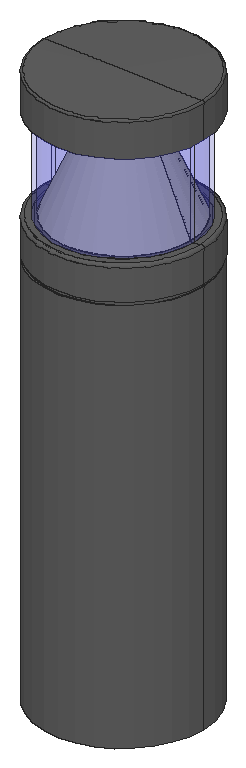
Revit family "99852_99614_HOST_FACE", category Lighting Fixtures, host Face, Revit 2018
Family settings
  Host = Face
  Round Connector Dimension = Use Diameter
  Part Type = Normal
  Cut with Voids When Loaded = Yes
  Light Source = Yes
  Shared = No
  Room Calculation Point = No
Parameters (values of type "LED System Bollard")
  Wattage = 3.90462 W
  built-in parameter 1150110 = 1 (stored number, unit not read)
  URL = "www.bega-us.com"
  built-in parameter 1114217 = 1 (stored number, unit not read)
  Tilt Angle = 0.00°
  built-in parameter 1150109 = 1 (stored number, unit not read)
  built-in parameter 1150134 = (empty or 0)
  Telephone = "805.684.0533"
  built-in parameter 1150113 = 1 (stored number, unit not read)
  Photometric Web File = "99852.ies"
  Model = "99 852"
  Manufacturer = "BEGA-US"
  built-in parameter 1150105 = 46.155 (stored number, unit not read)
  Lumens = 580 lm
  built-in parameter 1150115 = 1 (stored number, unit not read)
  built-in parameter 1150137 = (empty or 0)
  built-in parameter 1150139 = (empty or 0)
  built-in parameter 1150112 = 1 (stored number, unit not read)
  built-in parameter 1150114 = 1 (stored number, unit not read)
  Lamp = "9.0W LED"
  built-in parameter 1150132 = 2
  built-in parameter 1150102 = (empty or 0)
  built-in parameter 1150107 = 3000 (stored number, unit not read)
  built-in parameter 1150138 = (empty or 0)
  built-in parameter 1150106 = 0.46155 (stored number, unit not read)
  built-in parameter 1150104 = 13.8 (stored number, unit not read)
  Dimming Lamp Color Temperature Shift = <None>
  Description = "BEGA LED system bollards - shielded 360°"
  Default Elevation = 0' - 0"
  Color Filter = 16777215
  built-in parameter 1114218 = 1 (stored number, unit not read)
  built-in parameter 1150133 = 10 (stored number, unit not read)
Types (5): name | Wattage | Tilt Angle | built-in parameter 1150134 | Photometric Web File | Model | built-in parameter 1150105 | Lumens | Lamp | built-in parameter 1150107 | built-in parameter 1150106 | Description | Default Elevation
  (no name) | 3.90462 W | 0.00° | (empty or 0) | "99852.ies" | "99 852" | 46.155 (stored number, unit not read) | 580 lm | "9.0W LED" | 3000 (stored number, unit not read) | 0.46155 (stored number, unit not read) | "BEGA LED system bollards - shielded 360°" | 0' - 0"
  Wall Luminaires - Directed Light | 18.4392 W | 90.00° | (empty or 0) | "generic" | "2260LED" | 217.96 (stored number, unit not read) | 2739 lm | "44.6W LED" | 3000 (stored number, unit not read) | 2.1796 (stored number, unit not read) | "Surface wall with cutoff optics" | 6' - 0"
  Wall Luminaires - Linear | 9.92985 W | 90.00° | 9 | "generic" | "4425P" | 117.38 (stored number, unit not read) | 1475 lm | "(1) 39W CF twin-4-p" | 3450 (stored number, unit not read) | 1.1738 (stored number, unit not read) | "Suface wall - linear with white acrylic diffuser" | 6' - 0"
  Ceiling and Wall Luminaires - Unshielded | 3.90462 W | 0.00° | (empty or 0) | "99852.ies" | "99 852" | 46.155 (stored number, unit not read) | 580 lm | "9.0W LED" | 3000 (stored number, unit not read) | 0.46155 (stored number, unit not read) | "BEGA LED system bollards - shielded 360°" | 0' - 0"
  LED System Bollard | 3.90462 W | 0.00° | (empty or 0) | "99852.ies" | "99 852" | 46.155 (stored number, unit not read) | 580 lm | "9.0W LED" | 3000 (stored number, unit not read) | 0.46155 (stored number, unit not read) | "BEGA LED system bollards - shielded 360°" | 0' - 0"
Reference planes (in)
  plane 1 "Center (Front/Back)": y = 0
  plane 2: z = 0
  plane 3 "Center (Left/Right)": x = 0
Dimensions and locks (in)
  aligned and locked: plane 2 to host face
  aligned and locked: level to host face
Nested families (in)
  nested 1: "99852" at (0, 0, 13.68359), type "99852"
  nested 2: "99614" at (0, 0, 0), type "99614"
Connectors (in)
  electrical at (0, 0, 0)
    settings: on host face, index 1, voltage 0 V, apparent load 0 VA, apparent load phase1 0 VA, apparent load phase2 0 VA, apparent load phase3 0 VA, power factor 1, load classification "Other", number of poles 1, system type 31, power factor state 1, is connector primary yes, connector utility no, sub classification motor no, connector description ""
Definition of nested family "99852"
  Reference planes (in)
    plane 1 "Center (Front/Back)": y = 0
    plane 2: z = 0
    plane 3 "Center (Left/Right)": x = 0
  Forms (in)
    Revolve 1, solid
      sketch origin (0, 0, 0) x (1, 0, 0) y (0, 0, 1)
        loop
          line (0, 5.6228) -> (-2.70041, 5.57441)
          arc (-2.70041, 5.57441) -> (-2.74049, 5.55718) -> (-2.757, 5.5168) r 0.05762
          line (-2.757, 5.5168) -> (-2.757, 4.3867) -> (-2.4603, 4.3867) -> (-2.4603, 4.7883) -> (-2.26021, 4.7883) -> (-2.26021, 5.33479) -> (0, 5.33479) -> (0, 5.6228)
        axis (0, 5.6228) -> (0, 4.3867)
      angle from 0 to 360
    Revolve 2, solid
      sketch origin (0, 0, 0) x (1, 0, 0) y (0, 0, 1)
        loop
          line (-2.4603, 4.7883) -> (-2.4603, 1.1471) -> (-2.30851, 1.1471) -> (-2.30851, 4.7883) -> (-2.4603, 4.7883)
        axis (0, 4.7883) -> (0, 1.1471)
      angle from 0 to 360
    Revolve 3, solid
      sketch origin (0, 0, 0) x (1, 0, 0) y (0, 0, 1)
        loop
          line (-2.4603, 1.1471) -> (-2.65598, 1.1471)
          arc (-2.65598, 1.1471) -> (-2.72741, 1.11751) -> (-2.757, 1.04608) r 0.10102
          line (-2.757, 1.04608) -> (-2.757, 0) -> (-2.57431, 0)
          arc (-2.57431, 0) -> (-2.55337, -0.0074) -> (-2.54172, -0.02631) r 0.03335
          line (-2.54172, -0.02631) -> (-2.48452, -0.29114)
          arc (-2.48452, -0.29114) -> (-2.47156, -0.31217) -> (-2.44827, -0.3204) r 0.03709
          line (-2.44827, -0.3204) -> (-2.26669, -0.3204)
          arc (-2.26669, -0.3204) -> (-2.2498, -0.3274) -> (-2.2428, -0.34429) r 0.02389
          line (-2.2428, -0.34429) -> (-2.2428, -1.02799)
          arc (-2.2428, -1.02799) -> (-2.2466, -1.04876) -> (-2.25749, -1.06685) r 0.05872
          line (-2.25749, -1.06685) -> (-2.3428, -1.16351)
          arc (-2.3428, -1.16351) -> (-2.35667, -1.18653) -> (-2.3615, -1.21296) r 0.07473
          line (-2.3615, -1.21296) -> (-2.3615, -1.25327)
          arc (-2.3615, -1.25327) -> (-2.35493, -1.26913) -> (-2.33907, -1.2757) r 0.02243
          line (-2.33907, -1.2757) -> (-1.86253, -1.2757)
          arc (-1.86253, -1.2757) -> (-1.84617, -1.28247) -> (-1.8394, -1.29883) r 0.02313
          line (-1.8394, -1.29883) -> (-1.8394, -1.62887)
          arc (-1.8394, -1.62887) -> (-1.79455, -1.73715) -> (-1.68627, -1.782) r 0.15313
          line (-1.68627, -1.782) -> (-1.31887, -1.782)
          arc (-1.31887, -1.782) -> (-1.287, -1.7952) -> (-1.2738, -1.82707) r 0.04507
          line (-1.2738, -1.82707) -> (-1.2738, -2.1162) -> (0, -2.1162) -> (0, 1.1471) -> (-2.4603, 1.1471)
        axis (0, 1.1471) -> (0, -2.1162)
      angle from 0 to 360
    Revolve 4, solid
      sketch origin (0, 0, 0) x (1, 0, 0) y (0, 0, 1)
        loop
          line (0, -2.1162) -> (-1.3389, -2.1162) -> (-1.3389, -2.23218)
          arc (-1.3389, -2.23218) -> (-1.32653, -2.26203) -> (-1.29668, -2.2744) r 0.04222
          line (-1.29668, -2.2744) -> (-1.2079, -2.2744)
          arc (-1.2079, -2.2744) -> (-1.17191, -2.28931) -> (-1.157, -2.3253) r 0.0509
          line (-1.157, -2.3253) -> (-1.157, -3.7154)
          arc (-1.157, -3.7154) -> (-1.08378, -3.89218) -> (-0.907, -3.9654) r 0.25
          line (-0.907, -3.9654) -> (-0.57582, -3.9654)
          arc (-0.57582, -3.9654) -> (-0.54908, -3.97648) -> (-0.538, -4.00322) r 0.03782
          line (-0.538, -4.00322) -> (-0.538, -4.33288) -> (-0.37133, -4.33288) -> (-0.37133, -4.5196) -> (-0.538, -4.5196) -> (-0.538, -4.98261) -> (-0.46469, -5.00226)
          arc (-0.46469, -5.00226) -> (-0.43089, -5.08386) -> (-0.34928, -5.11766) r 0.1154
          line (-0.34928, -5.11766) -> (0, -5.11766) -> (0, -2.1162)
        axis (0, -2.1162) -> (0, -5.11766)
      angle from 0 to 360
    Revolve 5, solid
      sketch origin (0, 0, 0) x (1, 0, 0) y (0, 0, 1)
        loop
          line (-2.29824, 4.5054) -> (-1.8736, 4.5054)
          arc (-1.8736, 4.5054) -> (-1.3194, 4.91618) -> (-0.6727, 5.1563) r 2.45152
          line (-0.6727, 5.1563) -> (-0.3937, 5.1563)
          arc (-0.3937, 5.1563) -> (-0.50869, 4.75489) -> (-0.81, 4.4658) r 0.80144
          line (-0.81, 4.4658) -> (-2.30851, 1.1471) -> (-2.19707, 1.1471) -> (-0.73095, 4.39407)
          arc (-0.73095, 4.39407) -> (-0.38835, 4.76291) -> (-0.29646, 5.25786) r 0.903
          line (-0.29646, 5.25786) -> (-0.68352, 5.25786)
          arc (-0.68352, 5.25786) -> (-1.3444, 5.018) -> (-1.9148, 4.60696) r 2.55308
          line (-1.9148, 4.60696) -> (-2.29824, 4.60696) -> (-2.29824, 4.5054)
        axis (0, 5.25786) -> (0, 1.1471)
      angle from 0 to 360
  Lines and regions (in)
    reference lines
      curve 1: line (2.4603, 0, 4.3867) -> (2.4603, 0, 4.5054)
  Dimensions and locks (in)
    aligned and locked: plane 2 to level
Definition of nested family "99614"
  Reference planes (in)
    plane 1 "Center (Front/Back)": y = 0
    plane 2: z = 0
    plane 3 "Center (Left/Right)": x = 0
  Forms (in)
    Revolve 1, solid
      sketch origin (0, 0, 0) x (1, 0, 0) y (0, 0, 1)
        loop
          line (0, 0) -> (0, 0.15329) -> (-2.61719, 0.15329) -> (-2.61719, 13.58203) -> (-2.61719, 13.68359) -> (-2.71484, 13.68359) -> (-2.71484, 13.58203) -> (-2.75391, 13.58203) -> (-2.75391, 0) -> (0, 0)
        axis (0, 13.68359) -> (0, 0)
      angle from 0 to 360
  Dimensions and locks (in)
    aligned and locked: plane 2 to level
